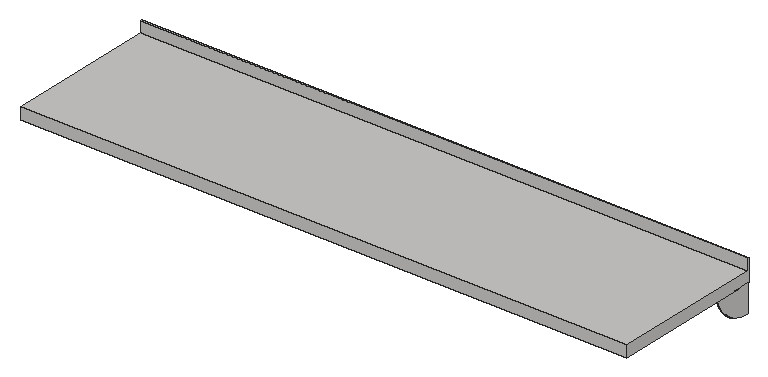
Revit family "QF_ZANUSSI_132826_WSS164N", category Attrezzature speciali, Revit 2020
Family settings
  Quota connettore circolare = Usa diametro
  Tipo di parte = Normale
  Basato su piano di lavoro = No
  Sempre verticale = Sì
  Taglio con vuoti quando caricato = No
  Condiviso = No
  Punto di calcolo locali = No
Parameters (values of type "Standard")
  Weight = 7.00 kg
  Watts = 0 W
  Volts = 0 V
  URL Manufacturer = "http://www.zanussiprofessional.com"
  URL = "http://www.zanussiprofessional.com"
  Steam Supply Size = 0 mm
  Steam Supply Minimum Pressure = 0.0 Pa
  Steam Supply Maximum Pressure = 0.0 Pa
  Steam Consumption per Hour = 0
  Refrigeration Suction Line Size = 0.0 mm
  Refrigeration Liquid Line Size = 0.0 mm
  Refrigerant Compressor Remote = yes
  Prospetto di default = 0.0 mm
  Produttore = "Zanussi"
  Phase = 0
  Modello = "WSS164N"
  Length Actual = 1600.0 mm  # constant formula
  Item Number = "132826"
  Hot Water Size = 0 mm
  Height Actual = 30.0 mm  # constant formula
  HP = "0 HP"
  Gas Size = 0 mm
  Gas KW = 0
  Gas Input Pressure = 0 W
  Direct Waste Size = 0 mm
  Descrizione = "SOLID WALL SHELF WITH BRACKETS 1600 MM"
  Depth Actual = 400.0 mm  # constant formula
  Cycle = 0 Hz
  Condensate Return Size = 0 mm
  Compressed Air Volume = 0.0 L/s
  Compressed Air Size = 0 mm
  Compressed Air Pressure = 0.0 Pa
  Cold Water Size = 0 mm
  Accessory = yes
Reference planes
  plane 1 "Center (Front/Back)": y = 0
  plane 2: z = 0
  plane 3 "Center (Left/Right)": x = -300
  plane 4 "LEFT": x = -1100
  plane 5 "RIGHT": x = 500
  plane 6 "BACK": y = 50
  plane 7 "FRONT": y = -350
  plane 8 "TOP": z = 132
  plane 9: z = 102
  plane 10: z = 72
Forms (mm)
  Extrusion 1, solid, material "QF_Finishes_Stainless Steel"
    sketch origin (-300, 0, 0) x (0, 1, 0) y (0, 0, 1)
      loop
        line (48, 102) -> (-350, 102) -> (-350, 72) -> (50, 72) -> (50, 132) -> (48, 132) -> (48, 102)
    from 800 to -800
  Extrusion 2, solid, material "QF_Finishes_Stainless Steel"
    sketch origin (-1100, 0, 0) x (0, 1, 0) y (0, 0, 1)
      loop
        line (50, 72) -> (-50, 72)
        arc (-50, 72) -> (-13.401, 19.967) -> (47, 0) r 101.34
        line (47, 0) -> (50, 0) -> (50, 72)
    from 0 to 3
  Extrusion 3, solid, material "QF_Finishes_Stainless Steel"
    sketch origin (500, 0, 0) x (0, 1, 0) y (0, 0, 1)
      loop
        line (50, 72) -> (-50, 72)
        arc (-50, 72) -> (-13.401, 19.967) -> (47, 0) r 101.34
        line (47, 0) -> (50, 0) -> (50, 72)
    from 0 to -3
  Extrusion 4, solid, material "QF_Finishes_Stainless Steel"
    sketch origin (0, 50, 0) x (-1, 0, 0) y (0, 0, 1)
      loop
        line (1097, 72) -> (1070, 72) -> (1070, 0) -> (1097, 0) -> (1097, 72)
      loop
        arc (1078.5, 10) -> (1075.5, 7) -> (1078.5, 4) r 3
        line (1078.5, 4) -> (1088.5, 4)
        arc (1088.5, 4) -> (1091.5, 7) -> (1088.5, 10) r 3
        line (1088.5, 10) -> (1078.5, 10)
    from 0 to -3
  Extrusion 5, solid, material "QF_Finishes_Stainless Steel"
    sketch origin (0, 50, 0) x (1, 0, 0) y (0, 0, -1)
      loop
        line (497, -72) -> (497, 0) -> (470, 0) -> (470, -72) -> (497, -72)
      loop
        line (478.5, -10) -> (488.5, -10)
        arc (488.5, -10) -> (491.5, -7) -> (488.5, -4) r 3
        line (488.5, -4) -> (478.5, -4)
        arc (478.5, -4) -> (475.5, -7) -> (478.5, -10) r 3
    from 0 to -3
Lines and regions (mm)
  symbolic lines
    curve 1: line (500, 50, 132) -> (-1100, 50, 132)
    curve 2: line (-1100, 50, 132) -> (-1100, -350, 132)
    curve 3: line (-1100, -350, 132) -> (500, -350, 132)
    curve 4: line (500, -350, 132) -> (500, 50, 132)
    curve 5: line (500, 48, 132) -> (-1100, 48, 132)
Dimensions and locks
  plane 4 "LEFT" to plane 5 "RIGHT" = 1600.0 mm
  equal spacing: plane 4 "LEFT", plane 3 "Center (Left/Right)", plane 5 "RIGHT"
  locked: plane 8 "TOP" to level at 132
  plane 6 "BACK" to plane 7 "FRONT" = 400.0 mm
  plane 6 "BACK" to plane 1 "Center (Front/Back)" to plane 7 "FRONT" = 50.0 mm, 350.0 mm
  locked: plane 8 "TOP" to plane 9 at 30
  plane 9 to plane 10 = 30.0 mm
  locked: Extrusion 4 sketch curve to Extrusion 2 at 27
  aligned and locked: level to plane 2
  aligned and locked: Extrusion 1 to plane 4 "LEFT"
  aligned and locked: plane 5 "RIGHT" to Extrusion 1
  aligned and locked: curve 2 to plane 4 "LEFT"
  aligned and locked: Extrusion 1 sketch curve to plane 9
  aligned and locked: Extrusion 4 sketch curve to Extrusion 2
  aligned and locked: Extrusion 4 sketch curve to Extrusion 1
  aligned and locked: Extrusion 4 sketch curve to level
  aligned and locked: plane 6 "BACK" to Extrusion 3 sketch curve
  aligned and locked: Extrusion 3 sketch curve to plane 10
  aligned and locked: Extrusion 3 sketch curve to level
  aligned and locked: plane 6 "BACK" to Extrusion 2 sketch curve
  aligned and locked: Extrusion 2 sketch curve to plane 10
  aligned and locked: Extrusion 2 sketch curve to level
Automatic sketch dimensions
  Extrusion 1 sketch curve to plane 7 "FRONT" = 0.0 mm
  Extrusion 1 sketch curve to plane 8 "TOP" = 0.0 mm
  Extrusion 1 sketch curve to plane 6 "BACK" = 0.0 mm
  Extrusion 1 sketch curve to plane 10 = 0.0 mm
  Extrusion 1 sketch curve to plane 6 "BACK" = 2.0 mm
  Extrusion 2 sketch curve to Extrusion 2 sketch curve = 3.0 mm
  plane 1 "Center (Front/Back)" to Extrusion 2 sketch curve = 50.0 mm
  Extrusion 3 sketch curve to Extrusion 3 sketch curve = 3.0 mm
  plane 1 "Center (Front/Back)" to Extrusion 3 sketch curve = 50.0 mm
  Extrusion 4 sketch curve to Extrusion 4 sketch curve = 8.5 mm
  Extrusion 4 sketch curve to Extrusion 4 sketch curve = 10.0 mm
  level to Extrusion 4 sketch curve = 4.0 mm
  Extrusion 4 sketch curve to Extrusion 4 sketch curve = 3.0 mm
  curve 3 to plane 7 "FRONT" = 0.0 mm
  curve 5 to plane 5 "RIGHT" = 0.0 mm
  curve 4 to plane 6 "BACK" = 0.0 mm
  curve 5 to plane 6 "BACK" = 2.0 mm
  Extrusion 5 sketch curve to plane 10 = 0.0 mm
  Extrusion 5 sketch curve to level = 0.0 mm
  plane 5 "RIGHT" to Extrusion 5 sketch curve = 30.0 mm
  Extrusion 5 sketch curve to Extrusion 5 sketch curve = 8.5 mm
  Extrusion 5 sketch curve to Extrusion 5 sketch curve = 10.0 mm
  plane 5 "RIGHT" to Extrusion 5 sketch curve = 3.0 mm
  Extrusion 5 sketch curve to level = 4.0 mm
  Extrusion 5 sketch curve to Extrusion 5 sketch curve = 3.0 mm
